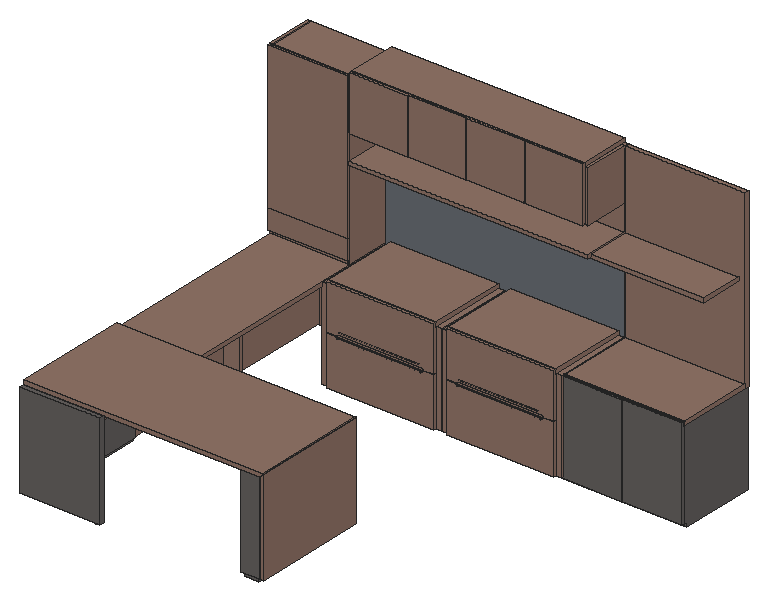
Revit family "OFS TYPICAL T100251", category Furniture, Revit 2022 (continued)
Definition of nested family "OFS SLATE OVERLAY WORK TABLE HEIGHT ADJUSTABLE"
  Dimensions and locks (in)
    aligned and locked: Extrusion 23 sketch curve to plane 3 "Center (Left/Right)"
    aligned and locked: Extrusion 23 sketch curve to plane 5
    aligned and locked: Extrusion 23 sketch curve to plane 1 "Center (Front/Back)"
    aligned and locked: plane 24 to Extrusion 24
    aligned and locked: Extrusion 24 to Extrusion 13
    aligned and locked: Extrusion 15 to Extrusion 13
    aligned and locked: plane 5 to Extrusion 25
    aligned and locked: Extrusion 14 to Extrusion 25
    aligned and locked: plane 5 to Extrusion 26
    aligned and locked: plane 6 "Front Face" to Extrusion 26
    aligned and locked: Extrusion 26 to Extrusion 23
    aligned and locked: plane 3 "Center (Left/Right)" to Extrusion 27 sketch curve
    aligned and locked: Extrusion 27 sketch curve to Extrusion 25  (x2)
    aligned and locked: Extrusion 27 sketch curve to plane 5
    aligned and locked: plane 24 to Extrusion 27 sketch curve
    aligned and locked: Extrusion 27 sketch curve to plane 3 "Center (Left/Right)"
    aligned and locked: plane 6 "Front Face" to Extrusion 27 sketch curve
    aligned and locked: Extrusion 28 sketch curve to plane 24
    aligned and locked: plane 24 to Extrusion 28 sketch curve
    aligned and locked: plane 22 to Extrusion 28 sketch curve
    aligned and locked: Extrusion 20 to Extrusion 28 sketch curve
    aligned and locked: plane 23 to Extrusion 28 sketch curve
    aligned and locked: Extrusion 28 sketch curve to plane 23
    aligned and locked: plane 5 to Extrusion 29 sketch curve
    aligned and locked: Extrusion 29 sketch curve to plane 24
    aligned and locked: plane 23 to Extrusion 29 sketch curve
    aligned and locked: Extrusion 29 sketch curve to Extrusion 28
    aligned and locked: Extrusion 29 sketch curve to plane 22
    aligned and locked: plane 22 to Extrusion 29 sketch curve
    aligned and locked: plane 5 to Extrusion 30
    aligned and locked: plane 6 "Front Face" to Extrusion 30
    aligned and locked: Extrusion 30 sketch curve to plane 3 "Center (Left/Right)"
    aligned and locked: plane 11 to Extrusion 30 sketch curve
    aligned and locked: plane 20 to Extrusion 30 sketch curve
    aligned and locked: Extrusion 9 to plane 11
    aligned and locked: Extrusion 9 to plane 20
    aligned and locked: Extrusion 9 to Extrusion 1
    aligned and locked: Extrusion 13 to Extrusion 8
    aligned and locked: Extrusion 27 to Extrusion 26
    aligned and locked: plane 20 to Extrusion 29
    aligned and locked: plane 20 to Extrusion 28
    aligned and locked: Extrusion 9 sketch curve to plane 11
    aligned and locked: plane 20 to Extrusion 8
    aligned and locked: plane 20 to Extrusion 9 sketch curve
    aligned and locked: plane 20 to Extrusion 7
    aligned and locked: plane 20 to Extrusion 23
    aligned and locked: plane 5 to Extrusion 31 sketch curve
    aligned and locked: plane 6 "Front Face" to Extrusion 31 sketch curve
    aligned and locked: Extrusion 31 sketch curve to plane 3 "Center (Left/Right)"
    aligned and locked: plane 24 to Extrusion 32 sketch curve
    aligned and locked: plane 23 to Extrusion 32 sketch curve
    aligned and locked: plane 12 "Base 2" to Extrusion 32
    aligned and locked: plane 10 to nested 2
    aligned and locked: plane 6 "Front Face" to nested 2
    aligned and locked: Extrusion 23 to plane 5
    aligned and locked: curve 2 to Extrusion 23
    aligned and locked: Extrusion 23 to plane 1 "Center (Front/Back)"
    aligned and locked: plane 5 to Masking region 2
    aligned and locked: plane 6 "Front Face" to Masking region 2
    aligned and locked: Extrusion 30 to plane 3 "Center (Left/Right)"
  Automatic sketch dimensions
    Extrusion 3 sketch curve to plane 21 = 0' - 0 3/4"
    Extrusion 3 sketch curve to plane 7 = 0' - 1 15/16"
    Extrusion 3 sketch curve to Extrusion 3 sketch curve = 0' - 0 3/4"
    Extrusion 4 sketch curve to plane 21 = 0' - 0 3/4"
    Extrusion 4 sketch curve to plane 7 = 0' - 1 15/16"
    plane 18 "RLI" to Extrusion 7 sketch curve = 0' - 1 1/2"
    plane 18 "RLI" to Extrusion 8 sketch curve = 0' - 1 1/2"
    plane 16 "RLO" to Extrusion 16 sketch curve = 0' - 2 1/2"
    Extrusion 31 sketch curve to plane 17 "LLO" = 0' - 2 1/2"
    plane 22 to Extrusion 32 sketch curve = 0' - 0 3/4"
    plane 8 to Extrusion 32 sketch curve = 0' - 1 15/16"
    Extrusion 1 sketch curve to plane 12 "Base 2" = 0' - 0"
    Extrusion 1 sketch curve to plane 20 = 0' - 0"
    Extrusion 1 sketch curve to Extrusion 1 sketch curve = 0' - 0.12464"
    Extrusion 1 sketch curve to Extrusion 1 sketch curve = 0' - 0.08814"
    Extrusion 1 sketch curve to plane 7 = 0' - 1 3/16"
    plane 11 to Extrusion 1 sketch curve = 0' - 0.30092"
    Extrusion 2 sketch curve to plane 7 = 0' - 1 3/16"  (x2)
    Extrusion 2 sketch curve to plane 6 "Front Face" = 0' - 0 1/16"
    Revolve 5 sketch curve to plane 13 "Base 1" = 0' - 0"  (x2)
    Revolve 5 sketch curve to level = 0' - 0"  (x2)
    Revolve 5 sketch curve to plane 23 = 0' - 1.26355"
    level to Revolve 5 sketch curve = 0' - 0.13"
    Revolve 5 sketch curve to Revolve 5 sketch curve = 0' - 0.245"
    Revolve 5 sketch curve to Revolve 5 sketch curve = 0' - 0.28868"
    Revolve 5 sketch curve to Revolve 5 sketch curve = 0' - 0"
    Revolve 6 sketch curve to level = 0' - 0"
    Revolve 6 sketch curve to plane 13 "Base 1" = 0' - 0"
    Revolve 6 sketch curve to plane 24 = 0' - 1.26355"
    level to Revolve 6 sketch curve = 0' - 0.13"
    Revolve 6 sketch curve to Revolve 6 sketch curve = 0' - 0.245"
    Revolve 6 sketch curve to Revolve 6 sketch curve = 0' - 0.28868"
    Revolve 6 sketch curve to Revolve 6 sketch curve = 0' - 0"
    Extrusion 9 sketch curve to plane 7 = 0' - 1 3/16"
    Extrusion 9 sketch curve to plane 7 = 0' - 0.30229"
    Extrusion 9 sketch curve to Extrusion 9 sketch curve = 0' - 0.08854"
    plane 11 to Extrusion 9 sketch curve = 0' - 0.21375"
    Revolve 10 sketch curve to level = 0' - 0"  (x2)
    Revolve 10 sketch curve to plane 13 "Base 1" = 0' - 0"  (x2)
    plane 1 "Center (Front/Back)" to Revolve 10 sketch curve = 0' - 0 19/32"
    level to Revolve 10 sketch curve = 0' - 0.13"
    Revolve 10 sketch curve to Revolve 10 sketch curve = 0' - 0.245"
    Revolve 10 sketch curve to Revolve 10 sketch curve = 0' - 0.28868"
    Revolve 10 sketch curve to Revolve 10 sketch curve = 0' - 0"
    Revolve 11 sketch curve to level = 0' - 0"
    Revolve 11 sketch curve to plane 13 "Base 1" = 0' - 0"
    Revolve 11 sketch curve to plane 24 = 0' - 0.77631"
    level to Revolve 11 sketch curve = 0' - 0.13"
    Revolve 11 sketch curve to Revolve 11 sketch curve = 0' - 0.245"
    Revolve 11 sketch curve to Revolve 11 sketch curve = 0' - 0.28868"
    Revolve 11 sketch curve to Revolve 11 sketch curve = 0' - 0"
    Revolve 12 sketch curve to plane 13 "Base 1" = 0' - 0"
    Revolve 12 sketch curve to level = 0' - 0"
    Revolve 12 sketch curve to plane 23 = 0' - 0.71381"
    level to Revolve 12 sketch curve = 0' - 0.13"
    Revolve 12 sketch curve to Revolve 12 sketch curve = 0' - 0.245"
    Revolve 12 sketch curve to Revolve 12 sketch curve = 0' - 0.28868"
    Revolve 12 sketch curve to Revolve 12 sketch curve = 0' - 0"
    plane 16 "RLO" to Extrusion 13 sketch curve = 0' - 2 1/2"  (x2)
    plane 23 to Extrusion 13 sketch curve = 0' - 0 1/16"
    plane 16 "RLO" to Extrusion 14 sketch curve = 0' - 3.24928"
    Extrusion 14 sketch curve to Extrusion 14 sketch curve = 0' - 0.74928"
    Extrusion 14 sketch curve to plane 20 = 0' - 1.93752"
    Extrusion 15 sketch curve to plane 3 "Center (Left/Right)" = 0' - 0 3/4"
    Extrusion 15 sketch curve to plane 20 = 0' - 4 7/16"
    Extrusion 15 sketch curve to plane 20 = 0' - 1 3/16"
    Revolve 17 sketch curve to plane 13 "Base 1" = 0' - 0"  (x2)
    Revolve 17 sketch curve to level = 0' - 0"  (x2)
    plane 23 to Revolve 17 sketch curve = 0' - 1.26355"
    Revolve 17 sketch curve to level = 0' - 0.13"
    Revolve 17 sketch curve to Revolve 17 sketch curve = 0' - 0.245"
    Revolve 17 sketch curve to Revolve 17 sketch curve = 0' - 0.28868"
    Revolve 17 sketch curve to Revolve 17 sketch curve = 0' - 0"
    Revolve 18 sketch curve to level = 0' - 0"  (x2)
    Revolve 18 sketch curve to plane 13 "Base 1" = 0' - 0"  (x2)
    plane 24 to Revolve 18 sketch curve = 0' - 1.26355"
    Revolve 18 sketch curve to level = 0' - 0.13"
    Revolve 18 sketch curve to Revolve 18 sketch curve = 0' - 0.245"
    Revolve 18 sketch curve to Revolve 18 sketch curve = 0' - 0.28868"
    Revolve 18 sketch curve to Revolve 18 sketch curve = 0' - 0"
    Revolve 19 sketch curve to level = 0' - 0"  (x2)
    Revolve 19 sketch curve to plane 13 "Base 1" = 0' - 0"  (x2)
    plane 1 "Center (Front/Back)" to Revolve 19 sketch curve = 0' - 0 19/32"
    level to Revolve 19 sketch curve = 0' - 0.13"
    Revolve 19 sketch curve to Revolve 19 sketch curve = 0' - 0.245"
    Revolve 19 sketch curve to Revolve 19 sketch curve = 0' - 0.28868"
    Revolve 19 sketch curve to Revolve 19 sketch curve = 0' - 0"
    Masking region 2 sketch curve to plane 19 "LLI" = 0' - 1 1/2"
    Extrusion 20 sketch curve to Extrusion 20 sketch curve = 0' - 0.12464"
    Extrusion 20 sketch curve to Extrusion 20 sketch curve = 0' - 0.08814"
    Extrusion 20 sketch curve to Extrusion 20 sketch curve = 0' - 1 3/16"
    Extrusion 20 sketch curve to plane 11 = 0' - 0.30092"
    Revolve 21 sketch curve to plane 13 "Base 1" = 0' - 0"  (x2)
    Revolve 21 sketch curve to level = 0' - 0"  (x2)
    Revolve 21 sketch curve to plane 24 = 0' - 1.06498"
    Revolve 21 sketch curve to Revolve 21 sketch curve = 0' - 0.04367"
    Revolve 21 sketch curve to Revolve 21 sketch curve = 0' - 0.28868"
    Revolve 21 sketch curve to Revolve 21 sketch curve = 0' - 0.13"
    Revolve 21 sketch curve to Revolve 21 sketch curve = 0' - 0"
    Revolve 22 sketch curve to plane 13 "Base 1" = 0' - 0"  (x2)
    Revolve 22 sketch curve to level = 0' - 0"  (x2)
    Revolve 22 sketch curve to plane 23 = 0' - 0.42513"
    Revolve 22 sketch curve to Revolve 22 sketch curve = 0' - 0.04368"
    Revolve 22 sketch curve to Revolve 22 sketch curve = 0' - 0.245"
    level to Revolve 22 sketch curve = 0' - 0.13"
    Revolve 22 sketch curve to Revolve 22 sketch curve = 0' - 0"
    plane 19 "LLI" to Extrusion 23 sketch curve = 0' - 1 1/2"
    Extrusion 24 sketch curve to plane 3 "Center (Left/Right)" = 0' - 0"
    Extrusion 24 sketch curve to plane 3 "Center (Left/Right)" = 0' - 0 3/4"
    plane 20 to Extrusion 24 sketch curve = 0' - 4 7/16"
    plane 20 to Extrusion 24 sketch curve = 0' - 1 3/16"
    Extrusion 25 sketch curve to plane 12 "Base 2" = 0' - 0"
    Extrusion 25 sketch curve to plane 17 "LLO" = 0' - 3.24928"
    Extrusion 25 sketch curve to Extrusion 25 sketch curve = 0' - 0.74928"
    plane 20 to Extrusion 25 sketch curve = 0' - 1.93752"
    Extrusion 26 sketch curve to plane 20 = 0' - 0"
    Extrusion 26 sketch curve to plane 3 "Center (Left/Right)" = 0' - 0"
    plane 19 "LLI" to Extrusion 26 sketch curve = 0' - 1 1/2"
    Extrusion 27 sketch curve to plane 23 = 0' - 0 1/16"
    Extrusion 28 sketch curve to Extrusion 28 sketch curve = 0' - 0 3/4"  (x2)
    plane 8 to Extrusion 29 sketch curve = 0' - 1 3/16"
    plane 6 "Front Face" to Extrusion 29 sketch curve = 0' - 0 1/16"
    plane 8 to Extrusion 30 sketch curve = 0' - 1 3/16"
    plane 8 to Extrusion 30 sketch curve = 0' - 0.30229"
    Extrusion 30 sketch curve to Extrusion 30 sketch curve = 0' - 0.08854"
    Extrusion 30 sketch curve to plane 11 = 0' - 0.21375"
  Nested families (in)
    nested 1: "Tag" at (-33, -30, 0) x (-1, 0, 0) z (0, 0, 1), visible <- "Left", type "Center", detail levels fine
      with Offset (LR) 0' - 0", Distance of Center (not Change) 0' - 0.11"
    nested 2: "Tag" at (33, -30, 0), visible <- "Right", type "Center", detail levels fine
      with Offset (LR) 0' - 0", Distance of Center (not Change) 0' - 0.11"
  Definition of nested family "Tag"
    Parameters
      P_Width = 0' - 0"
      Text_Width = "Empty"
      Text_Height = "Empty"
      Text_Diameter = "Empty"
      Text_Depth = "Empty"
      Offset (LR) [instance] = 0' - 0"
      Model Name = "EK-7168-E"
      P_Height = 0' - 0"
      Distance of Center (not Change) = 0' - 0"
      P_Diameter = 0' - 0"
      P_Depth = 0' - 0"
    Reference planes (in)
      plane 1: y = 0
      plane 2: x = 0
    Lines and regions (in)
      reference lines
        curve 1: line (-0.44359, 0, 0) -> (0.41085, 0, 0)
        curve 3: line (0, 0.32564, 0) -> (0, -0.40221, 0)
      reference lines, not visible
        curve 2: line (-0.44359, 0.09843, 0) -> (0.41085, 0.09843, 0)
        curve 4: line (0, 0.42407, 0) -> (0, -0.30379, 0)
    Text (in)
      label "Empty" at (0.00197, -0.0079, 0), shows "Model Name"
      label "Empty" at (0.00197, 0.09052, 0), shows "Model Name", not visible
    Dimensions and locks (in)
      "Distance of Center (not Change)": plane 1 to curve 1
      "Offset (LR)": curve 3 to plane 2
    Automatic sketch dimensions
      curve 1 to curve 3 = 0' - 0.44359"
      curve 3 to curve 1 = 0' - 0.41085"
      curve 3 to curve 1 = 0' - 0.40221"
      curve 1 to curve 3 = 0' - 0.32564"
      curve 2 to curve 4 = 0' - 0.44359"
      curve 4 to curve 2 = 0' - 0.41085"
      curve 4 to curve 2 = 0' - 0.40221"
      curve 2 to curve 4 = 0' - 0.32564"
Definition of nested family "OFS SLATE STORAGE MODULAR CABINET TOPS - Wire Drop Back"
  Parameters (values of type "Workwall Modular Cabinet Top w Wire Drop on the Back 42W LG")
    Wire Drop Material = none
    Width = 3' - 6"
    URL = "http://www.ofs.com/"
    Height from Floor [instance] = 2' - 5 1/4"
    Height = 0' - 1 3/16"
    Description = "OFS SLATE WORKWALL MODULAR CABINET TOP WITH WIRE DROP ON THE BACK, 42\" Width, Long Grain Direction"
    Model = "CA-B4221MCTB"
    Manufacturer = "CAROLINA"
    Depth = 1' - 9 5/16"
    Default Elevation = 0' - 0"
    Copyright © = "© 2019 OFS"
    Catalog = "https://ofs.com/products/tables/conference/slate"
    Authoring Version = "Autodesk Revit Architecture 2014"
    Assembly Code = "E2020200"
    Top Cabinet [instance] = none
  Types (32): name | Width | Description | Model
    Workwall Modular Cabinet Top w Wire Drop on the Back 18W LG | 1' - 6" | "OFS SLATE WORKWALL MODULAR CABINET TOP WITH WIRE DROP ON THE BACK, 18\" Width, Long Grain Direction" | "CA-B1821MCTB"
    Workwall Modular Cabinet Top w Wire Drop on the Back 18W SG | 1' - 6" | "OFS SLATE WORKWALL MODULAR CABINET TOP WITH WIRE DROP ON THE BACK, 18\" Width, Short Grain Direction" | "CA-B2118MCTB"
    Workwall Modular Cabinet Top w Wire Drop on the Back 24W LG | 2' - 0" | "OFS SLATE WORKWALL MODULAR CABINET TOP WITH WIRE DROP ON THE BACK, 24\" Width, Long Grain Direction" | "CA-B2421MCTB"
    Workwall Modular Cabinet Top w Wire Drop on the Back 24W SG | 2' - 0" | "OFS SLATE WORKWALL MODULAR CABINET TOP WITH WIRE DROP ON THE BACK, 24\" Width, Short Grain Direction" | "CA-B2124MCTB"
    Workwall Modular Cabinet Top w Wire Drop on the Back 30W LG | 2' - 6" | "OFS SLATE WORKWALL MODULAR CABINET TOP WITH WIRE DROP ON THE BACK, 30\" Width, Long Grain Direction" | "CA-B3021MCTB"
    Workwall Modular Cabinet Top w Wire Drop on the Back 30W SG | 2' - 6" | "OFS SLATE WORKWALL MODULAR CABINET TOP WITH WIRE DROP ON THE BACK, 30\" Width, Short Grain Direction" | "CA-B2130MCTB"
    Workwall Modular Cabinet Top w Wire Drop on the Back 36W SG | 3' - 0" | "OFS SLATE WORKWALL MODULAR CABINET TOP WITH WIRE DROP ON THE BACK, 36\" Width, Short Grain Direction" | "CA-B2136MCTB"
    Workwall Modular Cabinet Top w Wire Drop on the Back 36W LG | 3' - 0" | "OFS SLATE WORKWALL MODULAR CABINET TOP WITH WIRE DROP ON THE BACK, 36\" Width, Long Grain Direction" | "CA-B3621MCTB"
    Workwall Modular Cabinet Top w Wire Drop on the Back 42W LG | 3' - 6" | "OFS SLATE WORKWALL MODULAR CABINET TOP WITH WIRE DROP ON THE BACK, 42\" Width, Long Grain Direction" | "CA-B4221MCTB"
    Workwall Modular Cabinet Top w Wire Drop on the Back 42W SG | 3' - 6" | "OFS SLATE WORKWALL MODULAR CABINET TOP WITH WIRE DROP ON THE BACK, 42\" Width, Short Grain Direction" | "CA-B2142MCTB"
    Workwall Modular Cabinet Top w Wire Drop on the Back 48W SG | 4' - 0" | "OFS SLATE WORKWALL MODULAR CABINET TOP WITH WIRE DROP ON THE BACK, 48\" Width, Short Grain Direction" | "CA-B2148MCTB"
    Workwall Modular Cabinet Top w Wire Drop on the Back 48W LG | 4' - 0" | "OFS SLATE WORKWALL MODULAR CABINET TOP WITH WIRE DROP ON THE BACK, 48\" Width, Long Grain Direction" | "CA-B4821MCTB"
    Workwall Modular Cabinet Top w Wire Drop on the Back 54W LG | 4' - 6" | "OFS SLATE WORKWALL MODULAR CABINET TOP WITH WIRE DROP ON THE BACK, 54\" Width, Long Grain Direction" | "CA-B5421MCTB"
    Workwall Modular Cabinet Top w Wire Drop on the Back 54W SG | 4' - 6" | "OFS SLATE WORKWALL MODULAR CABINET TOP WITH WIRE DROP ON THE BACK, 54\" Width, Short Grain Direction" | "CA-B2154MCTB"
    Workwall Modular Cabinet Top w Wire Drop on the Back 60W SG | 5' - 0" | "OFS SLATE WORKWALL MODULAR CABINET TOP WITH WIRE DROP ON THE BACK, 60\" Width, Short Grain Direction" | "CA-B2160MCTB"
    Workwall Modular Cabinet Top w Wire Drop on the Back 60W LG | 5' - 0" | "OFS SLATE WORKWALL MODULAR CABINET TOP WITH WIRE DROP ON THE BACK, 60\" Width, Long Grain Direction" | "CA-B6021MCTB"
    Workwall Modular Cabinet Top w Wire Drop on the Back 66W LG | 5' - 6" | "OFS SLATE WORKWALL MODULAR CABINET TOP WITH WIRE DROP ON THE BACK, 66\" Width, Long Grain Direction" | "CA-B6621MCTB"
    Workwall Modular Cabinet Top w Wire Drop on the Back 66W SG | 5' - 6" | "OFS SLATE WORKWALL MODULAR CABINET TOP WITH WIRE DROP ON THE BACK, 66\" Width, Short Grain Direction" | "CA-B2166MCTB"
    Workwall Modular Cabinet Top w Wire Drop on the Back 72W SG | 6' - 0" | "OFS SLATE WORKWALL MODULAR CABINET TOP WITH WIRE DROP ON THE BACK, 72\" Width, Short Grain Direction" | "CA-B2172MCTB"
    Workwall Modular Cabinet Top w Wire Drop on the Back 72W LG | 6' - 0" | "OFS SLATE WORKWALL MODULAR CABINET TOP WITH WIRE DROP ON THE BACK, 72\" Width, Long Grain Direction" | "CA-B7221MCTB"
    Workwall Modular Cabinet Top w Wire Drop on the Back 78W LG | 6' - 6" | "OFS SLATE WORKWALL MODULAR CABINET TOP WITH WIRE DROP ON THE BACK, 78\" Width, Long Grain Direction" | "CA-B7821MCTB"
    Workwall Modular Cabinet Top w Wire Drop on the Back 78W SG | 6' - 6" | "OFS SLATE WORKWALL MODULAR CABINET TOP WITH WIRE DROP ON THE BACK, 78\" Width, Short Grain Direction" | "CA-B2178MCTB"
    Workwall Modular Cabinet Top w Wire Drop on the Back 84W SG | 7' - 0" | "OFS SLATE WORKWALL MODULAR CABINET TOP WITH WIRE DROP ON THE BACK, 84\" Width, Short Grain Direction" | "CA-B2184MCTB"
    Workwall Modular Cabinet Top w Wire Drop on the Back 84W LG | 7' - 0" | "OFS SLATE WORKWALL MODULAR CABINET TOP WITH WIRE DROP ON THE BACK, 84\" Width, Long Grain Direction" | "CA-B8421MCTB"
    Workwall Modular Cabinet Top w Wire Drop on the Back 90W LG | 7' - 6" | "OFS SLATE WORKWALL MODULAR CABINET TOP WITH WIRE DROP ON THE BACK, 90\" Width, Long Grain Direction" | "CA-B9021MCTB"
    Workwall Modular Cabinet Top w Wire Drop on the Back 90W SG | 7' - 6" | "OFS SLATE WORKWALL MODULAR CABINET TOP WITH WIRE DROP ON THE BACK, 90\" Width, Short Grain Direction" | "CA-B2190MCTB"
    Workwall Modular Cabinet Top w Wire Drop on the Back 96W SG | 8' - 0" | "OFS SLATE WORKWALL MODULAR CABINET TOP WITH WIRE DROP ON THE BACK, 96\" Width, Short Grain Direction" | "CA-B2196MCTB"
    Workwall Modular Cabinet Top w Wire Drop on the Back 96W LG | 8' - 0" | "OFS SLATE WORKWALL MODULAR CABINET TOP WITH WIRE DROP ON THE BACK, 96\" Width, Long Grain Direction" | "CA-B9621MCTB"
    Workwall Modular Cabinet Top w Wire Drop on the Back 102W SG | 8' - 6" | "OFS SLATE WORKWALL MODULAR CABINET TOP WITH WIRE DROP ON THE BACK, 102\" Width, Short Grain Direction" | "CA-B21102MCTB"
    Workwall Modular Cabinet Top w Wire Drop on the Back 102W LG | 8' - 6" | "OFS SLATE WORKWALL MODULAR CABINET TOP WITH WIRE DROP ON THE BACK, 102\" Width, Long Grain Direction" | "CA-B10221MCTB"
    Workwall Modular Cabinet Top w Wire Drop on the Back 108W LG | 9' - 0" | "OFS SLATE WORKWALL MODULAR CABINET TOP WITH WIRE DROP ON THE BACK, 108\" Width, Long Grain Direction" | "CA-B10821MCTB"
    Workwall Modular Cabinet Top w Wire Drop on the Back 108W SG | 9' - 0" | "OFS SLATE WORKWALL MODULAR CABINET TOP WITH WIRE DROP ON THE BACK, 108\" Width, Short Grain Direction" | "CA-B21108MCTB"
  Reference planes (in)
    plane 1 "Center (Front/Back)": y = 0
    plane 2: z = 0
    plane 3 "Center (Left/Right)": x = 27
    plane 4 "rrr": through (-2.45771, -5.50063, 16.56517) normal (0.0223, 0.0194, 0.9996)
    plane 5: x = 69
    plane 6: y = -21.3125
    plane 7: z = 29.25
    plane 8: z = 28.0625
    plane 9: x = 48
  Forms (in)
    Extrusion 1, solid, material <- "Top Cabinet"
      sketch origin (27, 0, 0) x (0, 1, 0) y (0, 0, 1)
        loop
          line (0, 29.25) -> (-21.3125, 29.25) -> (-21.3125, 28.0625) -> (0, 28.0625) -> (0, 29.25)
      from 0 to 42
    Extrusion 2, solid, material <- "Wire Drop Material"
      sketch origin (27, 0, 0) x (0, 1, 0) y (0, 0, 1)
        loop
          line (0, 28.3644) -> (0, 28.23141)
          arc (0, 28.23141) -> (0.09162, 28.73666) -> (0.10437, 29.25) r 3.32546
          arc (0.10437, 29.25) -> (-0.01589, 29.36411) -> (-0.13615, 29.25) r 0.12042
          line (-0.13615, 29.25) -> (-0.10484, 29.25)
          arc (-0.10484, 29.25) -> (-0.01507, 29.33285) -> (0.07316, 29.24836) r 0.08917
          arc (0.07316, 29.24836) -> (0.06647, 28.80391) -> (0, 28.3644) r 3.29421
      from 0 to 42
  Lines and regions (in)
    Masking region 1
      outline origin (0, 0, 0) x (1, 0, 0) y (0, 1, 0)
        loop
          line (27, 0) -> (27, -21.3125) -> (69, -21.3125) -> (69, 0) -> (27, 0)
  Dimensions and locks (in)
    "Width": plane 3 "Center (Left/Right)" to plane 5
    equal spacing: plane 3 "Center (Left/Right)", plane 9, plane 5
    "Depth": plane 6 to plane 1 "Center (Front/Back)"
    "Height from Floor": plane 7 to level
    "Height": plane 7 to plane 8
    aligned and locked: level to plane 2
    aligned and locked: plane 7 to Extrusion 1 sketch curve
    aligned and locked: Extrusion 1 sketch curve to plane 6
    aligned and locked: plane 1 "Center (Front/Back)" to Extrusion 1 sketch curve
    aligned and locked: Extrusion 1 sketch curve to plane 8
    aligned and locked: Extrusion 1 to plane 3 "Center (Left/Right)"
    aligned and locked: Extrusion 1 to plane 5
    aligned and locked: plane 5 to Masking region 1 sketch curve
    aligned and locked: plane 1 "Center (Front/Back)" to Masking region 1 sketch curve
    aligned and locked: Masking region 1 sketch curve to plane 6
    aligned and locked: plane 3 "Center (Left/Right)" to Masking region 1 sketch curve
    aligned and locked: plane 1 "Center (Front/Back)" to Extrusion 2 sketch curve
    aligned and locked: Extrusion 2 to plane 3 "Center (Left/Right)"
    aligned and locked: Extrusion 2 to plane 5
  Automatic sketch dimensions
    Extrusion 2 sketch curve to Extrusion 2 sketch curve = 0' - 0"  (x5)
    plane 7 to Extrusion 2 sketch curve = 0' - 0"  (x3)
    plane 7 to Extrusion 2 sketch curve = 0' - 0.00631"
    plane 1 "Center (Front/Back)" to Extrusion 2 sketch curve = 0' - 0.01589"
    plane 7 to Extrusion 2 sketch curve = 0' - 0.17437"
    Extrusion 2 sketch curve to Extrusion 2 sketch curve = 0' - 0.03131"
    plane 7 to Extrusion 2 sketch curve = 0' - 0.00164"
Definition of nested family "OFS SLATE WORKWALL OVERLAY CREDENZAS"
  Parameters (values of type "SLATE WORKWALL OVERLAY CREDENZA LATERAL FILE 90" With Doors")
    Width [instance] = 7' - 6"
    URL = "http://www.ofs.com/"
    Type = 5
    Top [instance] = none
    Panel [instance] = none
    Model = "CA-A9025CLFC4"
    Manufacturer = "OFS"
    Length 2 [instance] = if(and(Type = 4, Width < 5' 0"), 0' 0.063", 1' 5 7/8")  # 1' - 5 7/8"
    Length 1 [instance] = if(and(Type = 4, Width = 2' 6"), 1' 7.255", if(and(Type = 4, Width = 3' 0"), 2' 1.255", if(and(Type = 4, Width = 5' 0"), 1' 1.255", if(and(Type = 4, Width = 6' 0"), 2' 1.255", if(and(Type = 4, Width = 7' 6"), 1' 6.005", 2' 3.005")))))  # 2' - 3.005"
    Overlay Lateral File = Type = 4  # no
    Glides [instance] = none
    Drawers [instance] = none
    Description = "OFS SLATE WORKWALL OVERLAY CREDENZA LATERAL FILE, 4 Drawers & 2 Doors, 90\" Width, 25.5\" Depth, 30.5\" Height, Wall Panels are Recessed behind Worksurface"
    Default Elevation = 0' - 0"
    Copyright © = "© 2019 OFS"
    Catalog = "OFS"
    Case [instance] = none
    Base [instance] = none
    Authoring Version = "Autodesk Revit Architecture 2014"
    Assembly Code = "E2020200"
    6 Drawers [instance] = and(Type = 4, Width > 6' 0")  # no
    4 Drawers [instance] = and(Type = 4, Width > 3' 0", Width < 7' 6")  # no
    2 Drawers [instance] = and(Type = 4, Width < 5' 0")  # no
  Types (11): name | Width | Type | Model | Length 2 | Length 1 | Overlay Lateral File | Description | 6 Drawers | 4 Drawers | 2 Drawers
    (no name) | 7' - 6" | 5 | "CA-A9025CLFC4" | 1' - 5 7/8" | 2' - 3.005" | no | "OFS SLATE WORKWALL OVERLAY CREDENZA LATERAL FILE, 4 Drawers & 2 Doors, 90\" Width, 25.5\" Depth, 30.5\" Height, Wall Panels are Recessed behind Worksurface" | no | no | no
    SLATE WORKWALL OVERLAY CREDENZA LATERAL FILE 30" | 2' - 6" | 4 | "CA-AB3025CLF2" | 0' - 0.063" | 1' - 7.255" | yes | "OFS SLATE WORKWALL OVERLAY CREDENZA LATERAL FILE, 2 Drawers, 30\" Width, 25.5\" Depth, 30.5\" Height, Wall Panels are Recessed behind Worksurface" | no | no | yes
    SLATE WORKWALL OVERLAY CREDENZA LATERAL FILE 36" | 3' - 0" | 4 | "CA-AB3625CLF2" | 0' - 0.063" | 2' - 1.255" | yes | "OFS SLATE WORKWALL OVERLAY CREDENZA LATERAL FILE, 2 Drawers, 36\" Width, 25.5\" Depth, 30.5\" Height, Wall Panels are Recessed behind Worksurface" | no | no | yes
    SLATE WORKWALL OVERLAY CREDENZA LATERAL FILE 60" | 5' - 0" | 4 | "CA-AB6025CLF4" | 1' - 5 7/8" | 1' - 1.255" | yes | "OFS SLATE WORKWALL OVERLAY CREDENZA LATERAL FILE, 4 Drawers, 60\" Width, 25.5\" Depth, 30.5\" Height, Wall Panels are Recessed behind Worksurface" | no | yes | no
    SLATE WORKWALL OVERLAY CREDENZA LATERAL FILE 72" | 6' - 0" | 4 | "CA-AB7225CLF4" | 1' - 5 7/8" | 2' - 1.255" | yes | "OFS SLATE WORKWALL OVERLAY CREDENZA LATERAL FILE, 4 Drawers, 72\" Width, 25.5\" Depth, 30.5\" Height, Wall Panels are Recessed behind Worksurface" | no | yes | no
    SLATE WORKWALL OVERLAY CREDENZA LATERAL FILE 90" | 7' - 6" | 4 | "CA-AB9025CLF6" | 1' - 5 7/8" | 1' - 6.005" | yes | "OFS SLATE WORKWALL OVERLAY CREDENZA LATERAL FILE, 6 Drawers, 90\" Width, 25.5\" Depth, 30.5\" Height, Wall Panels are Recessed behind Worksurface" | yes | no | no
    SLATE WORKWALL OVERLAY CREDENZA LATERAL FILE 108" | 9' - 0" | 4 | "CA-AB10825CLF6" | 1' - 5 7/8" | 2' - 3.005" | yes | "OFS SLATE WORKWALL OVERLAY CREDENZA LATERAL FILE, 6 Drawers, 108\" Width, 25.5\" Depth, 30.5\" Height, Wall Panels are Recessed behind Worksurface" | yes | no | no
    SLATE WORKWALL OVERLAY CREDENZA LATERAL FILE 60" With Doors | 5' - 0" | 5 | "CA-A6025CLFC2" | 1' - 5 7/8" | 2' - 3.005" | no | "OFS SLATE WORKWALL OVERLAY CREDENZA LATERAL FILE, 2 Drawers & 2 Doors, 60\" Width, 25.5\" Depth, 30.5\" Height, Wall Panels are Recessed behind Worksurface" | no | no | no
    SLATE WORKWALL OVERLAY CREDENZA LATERAL FILE 72" With Doors | 6' - 0" | 5 | "CA-A7225CLFC2" | 1' - 5 7/8" | 2' - 3.005" | no | "OFS SLATE WORKWALL OVERLAY CREDENZA LATERAL FILE, 2 Drawers & 2 Doors, 72\" Width, 25.5\" Depth, 30.5\" Height, Wall Panels are Recessed behind Worksurface" | no | no | no
    SLATE WORKWALL OVERLAY CREDENZA LATERAL FILE 90" With Doors | 7' - 6" | 5 | "CA-A9025CLFC4" | 1' - 5 7/8" | 2' - 3.005" | no | "OFS SLATE WORKWALL OVERLAY CREDENZA LATERAL FILE, 4 Drawers & 2 Doors, 90\" Width, 25.5\" Depth, 30.5\" Height, Wall Panels are Recessed behind Worksurface" | no | no | no
    SLATE WORKWALL OVERLAY CREDENZA LATERAL FILE 108" With Doors | 9' - 0" | 5 | "CA-A10825CLFC4" | 1' - 5 7/8" | 2' - 3.005" | no | "OFS SLATE WORKWALL OVERLAY CREDENZA LATERAL FILE, 4 Drawers & 2 Doors, 108\" Width, 25.5\" Depth, 30.5\" Height, Wall Panels are Recessed behind Worksurface" | no | no | no
  Reference planes (in)
    plane 1 "Center (Front/Back)": y = 0
    plane 2: z = 0
    plane 3 "Center (Left/Right)": x = 0
    plane 4: x = 89.25
    plane 5: x = 90
    plane 6: x = 0.75
    plane 7: y = -24
    plane 8: y = -25.58661
    plane 9: y = -23.125
    plane 10: x = 0.125
    plane 11: x = 89.875
    plane 12: z = 0.45
    plane 13: z = 30.3875
    plane 14: y = -1.38677
    plane 15: y = -21.25
    plane 16: y = -11.5625
    plane 17: x = 45
    plane 18: x = 19.6875
    plane 19: x = 70.3125
    plane 20: x = 1.8125
    plane 21: x = 88.1875
    plane 22: x = 88.0625
    plane 23: x = 30.60417
    plane 24: x = 59.39583
    plane 25: z = 28.0125
  Forms (in)
    Revolve 1, solid, material <- "Glides", visible <- "Overlay Lateral File"
      sketch origin (1.0178, -1.38677, 47.24409) x (-1, 0, 0) y (0, 0, 1)
        loop
          line (0.04905, -46.79409) -> (0.04905, -47.24409) -> (0.29405, -47.24409)
          arc (0.29405, -47.24409) -> (0.42215, -47.13626) -> (0.33773, -46.99165) r 0.13
          line (0.33773, -46.99165) -> (0.29905, -46.99165) -> (0.29905, -46.79409) -> (0.04905, -46.79409)
        axis (0.04905, -46.79409) -> (0.04905, -47.24409)
      angle from 0 to 360
    Revolve 2, solid, material <- "Glides", visible <- "Overlay Lateral File"
      sketch origin (70.9822, -1.38677, 47.24409) x (1, 0, 0) y (0, 0, -1)
        loop
          line (18.04905, 46.79409) -> (18.29905, 46.79409) -> (18.29905, 46.99165) -> (18.33773, 46.99165)
          arc (18.33773, 46.99165) -> (18.42215, 47.13626) -> (18.29405, 47.24409) r 0.13
          line (18.29405, 47.24409) -> (18.04905, 47.24409) -> (18.04905, 46.79409)
        axis (18.04905, 46.79409) -> (18.04905, 47.24409)
      angle from 0 to 360
    Revolve 3, solid, material <- "Glides", visible <- "Overlay Lateral File"
      sketch origin (1.0178, -21.25, 47.24409) x (-1, 0, 0) y (0, 0, 1)
        loop
          line (-88.01344, -46.79409) -> (-88.26344, -46.79409) -> (-88.26344, -46.99165) -> (-88.30212, -46.99165)
          arc (-88.30212, -46.99165) -> (-88.38654, -47.13626) -> (-88.25844, -47.24409) r 0.13
          line (-88.25844, -47.24409) -> (-88.01344, -47.24409) -> (-88.01344, -46.79409)
        axis (-88.01344, -46.79409) -> (-88.01344, -47.24409)
      angle from 0 to 360
    Revolve 4, solid, material <- "Glides", visible <- "Overlay Lateral File"
      sketch origin (1.0178, -21.25, 47.24409) x (-1, 0, 0) y (0, 0, 1)
        loop
          line (0.04905, -46.79409) -> (0.04905, -47.24409) -> (0.29405, -47.24409)
          arc (0.29405, -47.24409) -> (0.42215, -47.13626) -> (0.33773, -46.99165) r 0.13
          line (0.33773, -46.99165) -> (0.29905, -46.99165) -> (0.29905, -46.79409) -> (0.04905, -46.79409)
        axis (0.04905, -46.79409) -> (0.04905, -47.24409)
      angle from 0 to 360
    Sweep 5, solid, material <- "Panel", visible <- "Overlay Lateral File"
      path origin (-60.07556, -60, 0.45) x (-1, 0, 0) y (0, -1, 0)
        loop
          line (-150.07556, -36.875) -> (-60.07556, -36.875)
      profile origin (45, -23.125, 0.45) x (0, -1, 0) y (0, 0, 1)
        loop
          line (-0.75, 0) -> (0, 0) -> (0, 1.25) -> (-0.75, 1.25) -> (-0.75, 0)
    Extrusion 6, solid, material <- "Case", visible <- "Overlay Lateral File"
      sketch origin (0, 0, 0) x (0, 1, 0) y (0, 0, 1)
        loop
          line (0, 28.0125) -> (-0.76133, 28.0125) -> (-0.76133, 0.45) -> (0, 0.45) -> (0, 28.0125)
      from 1.9375 to 88.0625
    Extrusion 7, solid, material <- "Panel", visible <- "Overlay Lateral File"
      sketch origin (0, 0, 0) x (1, 0, 0) y (0, 0, 1)
        loop
          line (0, 29.2) -> (0, 1.7) -> (1.9375, 1.7) -> (1.9375, 29.2) -> (0, 29.2)
        loop
          line (88.0625, 29.2) -> (88.0625, 1.7) -> (90, 1.7) -> (90, 29.2) -> (88.0625, 29.2)
      from 0 to 24.75
    Extrusion 8, solid, material <- "Base", visible <- "Overlay Lateral File"
      sketch origin (-3.76383, -25.58661, 47.24409) x (-1, 0, 0) y (0, 0, 1)
        loop
          line (-5.70133, -44.79409) -> (-91.82633, -44.79409) -> (-91.82633, -45.54409) -> (-5.70133, -45.54409) -> (-5.70133, -44.79409)
      from 0.83661 to 24.83661
    Extrusion 9, solid, material <- "Top", visible <- "Overlay Lateral File"
      sketch origin (1.8125, -27.03977, 47.24409) x (0, -1, 0) y (0, 0, 1)
        loop
          line (-25.653, -16.85659) -> (-25.653, -18.0441) -> (-2.28977, -18.0441) -> (-2.28977, -16.85659) -> (-25.653, -16.85659)
      from 0 to -86.375
    Extrusion 10, solid, material <- "Panel", visible <- "Overlay Lateral File"
      sketch origin (-60.07556, -60, 0.45) x (-1, 0, 0) y (0, -1, 0)
        loop
          line (-62.01306, -38.8125) -> (-62.01306, -60) -> (-60.07556, -60) -> (-60.07556, -36.875) -> (-62.01306, -38.8125)
        loop
          line (-148.13806, -38.8125) -> (-150.07556, -36.875) -> (-150.07556, -60) -> (-148.13806, -60) -> (-148.13806, -38.8125)
      from 0 to 1.25
    Sweep 11, void
      path origin (-3.76383, -25.58661, 47.24409) x (-1, 0, 0) y (0, 0, 1)
        loop
          line (-9.13633, -29.82608) -> (-88.39133, -29.82608)
          arc (-88.39133, -29.82608) -> (-89.2031, -30.63785) -> (-88.39133, -31.44961) r 0.81176
          line (-88.39133, -31.44961) -> (-9.13633, -31.44961)
          arc (-9.13633, -31.44961) -> (-8.32457, -30.63785) -> (-9.13633, -29.82608) r 0.81176
      profile origin (45, -25.58661, 17.41801) x (0, 0, -1) y (0, 1, 0)
        loop
          line (0.74926, 0) -> (0.74926, 0.59375) -> (0.23364, 0.59375)
          arc (0.23364, 0.59375) -> (0.00071, 0.38112) -> (0.19126, 0.12981) r 0.2339
          arc (0.19126, 0.12981) -> (0.23287, 0.10547) -> (0.24927, 0.06015) r 0.07084
          line (0.24927, 0.06015) -> (0.24927, 0) -> (0.74926, 0)
    Extrusion 12, solid, material <- "Drawers", visible <- "2 Drawers"
      sketch origin (45, -60, -12) x (0, 0, -1) y (0, -1, 0)
        loop
          line (-42.325, -35.16339) -> (-28.66875, -35.16339) -> (-28.66875, -34.41339) -> (-42.325, -34.41339) -> (-42.325, -35.16339)
        loop
          line (-13.7, -35.16339) -> (-13.7, -34.41339) -> (-28.54375, -34.41339) -> (-28.54375, -35.16339) -> (-13.7, -35.16339)
      from -43.0625 to 43.0625
    Extrusion 13, solid, material <- "Drawers", visible <- "4 Drawers"
      sketch origin (-3.76383, -25.58661, 47.24409) x (-1, 0, 0) y (0, 0, 1)
        loop
          line (-5.70133, -16.9191) -> (-48.70133, -16.9191) -> (-48.70133, -30.57535) -> (-5.70133, -30.57535) -> (-5.70133, -16.9191)
        loop
          line (-5.70133, -44.79409) -> (-5.70133, -30.70035) -> (-48.70133, -30.70035) -> (-48.70133, -44.79409) -> (-5.70133, -44.79409)
        loop
          line (-48.82633, -16.9191) -> (-91.82633, -16.9191) -> (-91.82633, -30.57535) -> (-48.82633, -30.57535) -> (-48.82633, -16.9191)
        loop
          line (-48.82633, -44.79409) -> (-48.82633, -30.70035) -> (-91.82633, -30.70035) -> (-91.82633, -44.79409) -> (-48.82633, -44.79409)
      from 0 to 0.75
    Extrusion 14, solid, material <- "Drawers", visible <- "6 Drawers"
      sketch origin (-3.76383, -25.58661, 47.24409) x (-1, 0, 0) y (0, 0, 1)
        loop
          line (-5.70133, -16.9191) -> (-34.3055, -16.9191) -> (-34.3055, -30.57535) -> (-5.70133, -30.57535) -> (-5.70133, -16.9191)
        loop
          line (-5.70133, -30.70035) -> (-34.3055, -30.70035) -> (-34.3055, -44.79409) -> (-5.70133, -44.79409) -> (-5.70133, -30.70035)
        loop
          line (-63.09717, -16.9191) -> (-63.09717, -30.57535) -> (-34.4305, -30.57535) -> (-34.4305, -16.9191) -> (-63.09717, -16.9191)
        loop
          line (-63.09717, -30.70035) -> (-63.09717, -44.79409) -> (-34.4305, -44.79409) -> (-34.4305, -30.70035) -> (-63.09717, -30.70035)
        loop
          line (-91.82633, -16.9191) -> (-91.82633, -30.57535) -> (-63.22217, -30.57535) -> (-63.22217, -16.9191) -> (-91.82633, -16.9191)
        loop
          line (-91.82633, -30.70035) -> (-91.82633, -44.79409) -> (-63.22217, -44.79409) -> (-63.22217, -30.70035) -> (-91.82633, -30.70035)
      from 0 to 0.75
    Extrusion 15, void
      sketch origin (0, 0, 0) x (0, 1, 0) y (0, 0, 1)
        loop
          line (0, 30.3875) -> (-1.38677, 30.3875) -> (-1.38677, 28.0125) -> (0, 28.0125) -> (0, 30.3875)
      from 0 to 108
  Cuts and joins
    joined: Revolve 1, Revolve 2, Revolve 3, Revolve 4
    joined: Sweep 5, Extrusion 10
    Sweep 11 cuts Extrusion 12
    Sweep 11 cuts Extrusion 13
    Sweep 11 cuts Extrusion 14
    Extrusion 15 cuts Extrusion 7
  Lines and regions (in)
    Masking region 1, visible <- "Overlay Lateral File"
      outline origin (77.82463, -60, 30.3875) x (0, -1, 0) y (1, 0, 0)
        loop
          line (-60, -77.82463) -> (-34.41339, -77.82463) -> (-34.41339, 12.17537) -> (-60, 12.17537) -> (-60, -77.82463)
  Dimensions and locks (in)
    "Width": plane 3 "Center (Left/Right)" to plane 5
    equal spacing: plane 3 "Center (Left/Right)", plane 17, plane 5
    locked: Extrusion 7 sketch curve to plane 3 "Center (Left/Right)" at 1.9375
    locked: plane 20 to Extrusion 8 sketch curve at 0.125
    Extrusion 10 sketch curve to Extrusion 10 sketch curve to plane 9 = 0' - 0" locked, 0' - 1 15/16" locked
    locked: plane 3 "Center (Left/Right)" to Extrusion 10 sketch curve at 1.9375
    plane 3 "Center (Left/Right)" to plane 10 to plane 6 to plane 20 = 0' - 0 1/8" locked, 0' - 0 5/8" locked, 0' - 1 1/16" locked
    plane 22 to plane 21 to plane 4 to plane 11 to plane 5 = 0' - 0 1/8" locked, 0' - 1 1/16" locked, 0' - 0 5/8" locked, 0' - 0 1/8" locked
    "Length 2": plane 20 to plane 18
    "Length 2": plane 19 to plane 21
    Extrusion 13 sketch curve to plane 17 to Extrusion 13 sketch curve = 0' - 0 1/16" locked, 0' - 0 1/16" locked
    locked: Sweep 11 sketch curve to plane 3 "Center (Left/Right)" at 5.3725
    locked: Sweep 11 sketch curve to plane 5 at 5.3725
    equal spacing: plane 20, plane 23, plane 24, plane 21
    Extrusion 14 sketch curve to plane 23 to Extrusion 14 sketch curve = 0' - 0 1/16" locked, 0' - 0 1/16" locked
    Extrusion 14 sketch curve to plane 24 to Extrusion 14 sketch curve = 0' - 0 1/16" locked, 0' - 0 1/16" locked
    locked: plane 25 to plane 13 at 2.375
    aligned and locked: level to plane 2
    aligned and locked: Sweep 5 sketch curve to plane 9
    aligned and locked: plane 21 to Extrusion 9
    aligned and locked: Extrusion 6 to plane 22
    aligned and locked: Extrusion 7 sketch curve to plane 22
    aligned and locked: Extrusion 10 sketch curve to plane 22
    aligned and locked: plane 5 to Extrusion 10 sketch curve
    aligned and locked: Extrusion 10 sketch curve to plane 9
    aligned and locked: Extrusion 10 sketch curve to plane 3 "Center (Left/Right)"
    aligned and locked: plane 9 to Extrusion 10 sketch curve
    aligned and locked: plane 22 to Extrusion 8 sketch curve
    aligned and locked: Masking region 1 sketch curve to Extrusion 7
    aligned and locked: Extrusion 7 to Extrusion 12
    aligned and locked: Extrusion 12 to plane 22
    aligned and locked: Extrusion 13 sketch curve to Extrusion 6
    aligned and locked: Extrusion 13 sketch curve to cut or joined group of Sweep 11, Extrusion 12
    aligned and locked: Extrusion 13 sketch curve to Extrusion 13 sketch curve
    aligned and locked: plane 22 to Extrusion 13 sketch curve
    aligned and locked: Extrusion 14 sketch curve to cut or joined group of Sweep 11, Extrusion 13
    aligned and locked: Extrusion 14 sketch curve to Extrusion 14 sketch curve  (x6)
    aligned and locked: Extrusion 14 sketch curve to plane 22
    aligned and locked: plane 14 to Extrusion 9
  Automatic sketch dimensions
    Revolve 1 sketch curve to plane 12 = 0' - 0"
    Revolve 1 sketch curve to level = 0' - 0"  (x2)
    Revolve 1 sketch curve to plane 6 = 0' - 0 7/32"
    plane 6 to Revolve 1 sketch curve = 0' - 0.02625"
    plane 6 to Revolve 1 sketch curve = 0' - 0 1/32"
    Revolve 1 sketch curve to Revolve 1 sketch curve = 0' - 0.03868"
    level to Revolve 1 sketch curve = 0' - 0.13"
    Revolve 1 sketch curve to Revolve 1 sketch curve = 0' - 0"
    Revolve 1 sketch curve to level = 0' - 0.09316"
    Revolve 2 sketch curve to plane 12 = 0' - 0"
    Revolve 2 sketch curve to level = 0' - 0"  (x2)
    Revolve 2 sketch curve to plane 4 = 0' - 0 7/32"
    plane 4 to Revolve 2 sketch curve = 0' - 0.02625"
    plane 4 to Revolve 2 sketch curve = 0' - 0 1/32"
    Revolve 2 sketch curve to Revolve 2 sketch curve = 0' - 0.03868"
    Revolve 2 sketch curve to plane 12 = 0' - 0.19756"
    Revolve 2 sketch curve to Revolve 2 sketch curve = 0' - 0"
    Revolve 2 sketch curve to Revolve 2 sketch curve = 0' - 0.09316"
    Revolve 3 sketch curve to plane 12 = 0' - 0"
    Revolve 3 sketch curve to level = 0' - 0"  (x2)
    plane 4 to Revolve 3 sketch curve = 0' - 0.06992"
    plane 4 to Revolve 3 sketch curve = 0' - 0 1/32"
    plane 4 to Revolve 3 sketch curve = 0' - 0.02625"
    Revolve 3 sketch curve to plane 4 = 0' - 0 7/32"
    level to Revolve 3 sketch curve = 0' - 0.13"
    Revolve 3 sketch curve to Revolve 3 sketch curve = 0' - 0"
    Revolve 3 sketch curve to Revolve 3 sketch curve = 0' - 0.09316"
    Revolve 4 sketch curve to plane 12 = 0' - 0"
    Revolve 4 sketch curve to level = 0' - 0"  (x2)
    Revolve 4 sketch curve to plane 6 = 0' - 0 7/32"
    plane 6 to Revolve 4 sketch curve = 0' - 0.02625"
    plane 6 to Revolve 4 sketch curve = 0' - 0 1/32"
    Revolve 4 sketch curve to Revolve 4 sketch curve = 0' - 0.03868"
    Revolve 4 sketch curve to Revolve 4 sketch curve = 0' - 0.13"
    Revolve 4 sketch curve to Revolve 4 sketch curve = 0' - 0"
    Revolve 4 sketch curve to level = 0' - 0.09316"
    Extrusion 6 sketch curve to plane 12 = 0' - 0"
    Extrusion 6 sketch curve to plane 1 "Center (Front/Back)" = 0' - 0"
    plane 14 to Extrusion 6 sketch curve = 0' - 0.62544"
    plane 13 to Extrusion 6 sketch curve = 0' - 2 3/8"
    plane 12 to Extrusion 8 sketch curve = 0' - 1 1/4"
    Extrusion 8 sketch curve to Extrusion 8 sketch curve = 0' - 0 3/4"
    plane 13 to Extrusion 9 sketch curve = 0' - 0"
    plane 14 to Extrusion 9 sketch curve = 0' - 0"
    Extrusion 9 sketch curve to plane 7 = 0' - 0 3/4"
    plane 13 to Extrusion 9 sketch curve = 0' - 1 3/16"
    plane 1 "Center (Front/Back)" to Extrusion 10 sketch curve = 0' - 0"  (x2)
    Sweep 11 sketch curve to plane 8 = 0' - 0"
    plane 8 to Sweep 11 sketch curve = 0' - 0.06015"
    Sweep 11 sketch curve to profile plane = 0' - 0.17843"
    Sweep 11 sketch curve to profile plane = 0' - 0.23364"
    Sweep 11 sketch curve to Sweep 11 sketch curve = 0' - 0.07084"
    Sweep 11 sketch curve to Sweep 11 sketch curve = 0' - 0 33/64"
    Sweep 11 sketch curve to Sweep 11 sketch curve = 0' - 0.2997"
    Sweep 11 sketch curve to Sweep 11 sketch curve = 0' - 0.2339"
    Extrusion 12 sketch curve to plane 8 = 0' - 0"  (x2)
    plane 13 to Extrusion 12 sketch curve = 0' - 0 1/16"
    plane 8 to Extrusion 12 sketch curve = 0' - 0 3/4"
    Extrusion 12 sketch curve to Extrusion 12 sketch curve = 1' - 1 21/32"
    Extrusion 12 sketch curve to Extrusion 12 sketch curve = 0' - 0 1/8"
    plane 12 to Extrusion 12 sketch curve = 0' - 1 1/4"
    Extrusion 12 sketch curve to Extrusion 12 sketch curve = 0' - 0 3/4"
    plane 13 to Sweep 11 sketch curve = 1' - 2.59302"
    Sweep 11 sketch curve to Sweep 11 sketch curve = 0' - 0.81176"
    Sweep 5 sketch curve to plane 5 = 0' - 0"
    Sweep 5 sketch curve to plane 3 "Center (Left/Right)" = 0' - 0"
    Sweep 5 sketch curve to plane 12 = 0' - 0"
    Sweep 5 sketch curve to profile plane = 0' - 0"
    profile plane to Sweep 5 sketch curve = 0' - 0 3/4"
    Sweep 5 sketch curve to Sweep 5 sketch curve = 0' - 1 1/4"
    Extrusion 7 sketch curve to plane 3 "Center (Left/Right)" = 0' - 0"
    plane 5 to Extrusion 7 sketch curve = 0' - 0"
    plane 12 to Extrusion 7 sketch curve = 0' - 1 1/4"  (x2)
    plane 13 to Extrusion 7 sketch curve = 0' - 1 3/16"  (x2)
    Extrusion 13 sketch curve to plane 17 = 0' - 0 1/16"
    plane 17 to Extrusion 13 sketch curve = 0' - 0 1/16"
    plane 12 to Extrusion 13 sketch curve = 0' - 2"  (x2)
    plane 13 to Extrusion 13 sketch curve = 1' - 1 27/32"
    Extrusion 13 sketch curve to Extrusion 13 sketch curve = 0' - 0"
    Extrusion 13 sketch curve to Extrusion 13 sketch curve = 0' - 0 1/8"  (x2)
    plane 13 to Extrusion 13 sketch curve = 0' - 0 1/16"  (x2)
    plane 12 to Extrusion 14 sketch curve = 0' - 2"  (x2)
    Extrusion 14 sketch curve to Extrusion 14 sketch curve = 0' - 0"  (x2)
    plane 13 to Extrusion 14 sketch curve = 1' - 1 27/32"  (x2)
    Extrusion 14 sketch curve to Extrusion 14 sketch curve = 0' - 0 1/8"  (x3)
    plane 13 to Extrusion 14 sketch curve = 0' - 0 1/16"  (x3)
    Masking region 1 sketch curve to plane 3 "Center (Left/Right)" = 0' - 0"
    Masking region 1 sketch curve to plane 8 = 0' - 0"
    Masking region 1 sketch curve to plane 5 = 0' - 0"
    plane 13 to Extrusion 15 sketch curve = 0' - 0"
    Extrusion 15 sketch curve to plane 14 = 0' - 0"
    Extrusion 15 sketch curve to plane 1 "Center (Front/Back)" = 0' - 0"
    plane 25 to Extrusion 15 sketch curve = 0' - 0"
Definition of nested family "OFS SLATE WALLMOUNT PANEL FABRIC COVERED 2H"
  Parameters (values of type "WALLMOUNT PANEL FABRIC COVERED 2H 30"")
    Width = 2' - 6"
    URL = "http://www.ofs.com/"
    Model = "CA-3027FT"
    Manufacturer = "CAROLINA"
    Height From Floor = 2' - 4 1/16"
    Height = 2' - 4 3/16"  # constant formula
    Description = "OFS SLATE WALLMOUNT PANEL, 2 Height, Fabric Covered, 30\" Width, Use between Workwall Credenzas and Wallmount Organizers"
    Depth = 0' - 1 3/16"
    Default Elevation = 0' - 0"
    Copyright © = "©OFS 2019"
    Catalog = "https://ofs.com/products/tables/conference/slate"
    Panel [instance] = none
    Bottom Board Thickness = 0' - 1 1/4"
    Board Thickness = 0' - 1 3/16"
    Back Board Thickness = 0' - 1 3/16"
    Authoring Version = "Autodesk Revit Architecture 2014"
    Assembly Code = "E2020200"
  Types (15): name | Width | Model | Description
    (no name) | 2' - 6" | "CA-3027FT" | "OFS SLATE WALLMOUNT PANEL, 2 Height, Fabric Covered, 30\" Width, Use between Workwall Credenzas and Wallmount Organizers"
    WALLMOUNT PANEL FABRIC COVERED 2H 30" | 2' - 6" | "CA-3027FT" | "OFS SLATE WALLMOUNT PANEL, 2 Height, Fabric Covered, 30\" Width, Use between Workwall Credenzas and Wallmount Organizers"
    WALLMOUNT PANEL FABRIC COVERED 2H 36" | 3' - 0" | "CA-3627FT" | "OFS SLATE WALLMOUNT PANEL, 2 Height, Fabric Covered, 36\" Width, Use between Workwall Credenzas and Wallmount Organizers"
    WALLMOUNT PANEL FABRIC COVERED 2H 42" | 3' - 6" | "CA-4227FT" | "OFS SLATE WALLMOUNT PANEL, 2 Height, Fabric Covered, 42\" Width, Use between Workwall Credenzas and Wallmount Organizers"
    WALLMOUNT PANEL FABRIC COVERED 2H 48" | 4' - 0" | "CA-4827FT" | "OFS SLATE WALLMOUNT PANEL, 2 Height, Fabric Covered, 48\" Width, Use between Workwall Credenzas and Wallmount Organizers"
    WALLMOUNT PANEL FABRIC COVERED 2H 54" | 4' - 6" | "CA-5427FT" | "OFS SLATE WALLMOUNT PANEL, 2 Height, Fabric Covered, 54\" Width, Use between Workwall Credenzas and Wallmount Organizers"
    WALLMOUNT PANEL FABRIC COVERED 2H 60" | 5' - 0" | "CA-6027FT" | "OFS SLATE WALLMOUNT PANEL, 2 Height, Fabric Covered, 60\" Width, Use between Workwall Credenzas and Wallmount Organizers"
    WALLMOUNT PANEL FABRIC COVERED 2H 66" | 5' - 6" | "CA-6627FT" | "OFS SLATE WALLMOUNT PANEL, 2 Height, Fabric Covered, 66\" Width, Use between Workwall Credenzas and Wallmount Organizers"
    WALLMOUNT PANEL FABRIC COVERED 2H 72" | 6' - 0" | "CA-7227FT" | "OFS SLATE WALLMOUNT PANEL, 2 Height, Fabric Covered, 72\" Width, Use between Workwall Credenzas and Wallmount Organizers"
    WALLMOUNT PANEL FABRIC COVERED 2H 78" | 6' - 6" | "CA-7827FT" | "OFS SLATE WALLMOUNT PANEL, 2 Height, Fabric Covered, 78\" Width, Use between Workwall Credenzas and Wallmount Organizers"
    WALLMOUNT PANEL FABRIC COVERED 2H 84" | 7' - 0" | "CA-8427FT" | "OFS SLATE WALLMOUNT PANEL, 2 Height, Fabric Covered, 84\" Width, Use between Workwall Credenzas and Wallmount Organizers"
    WALLMOUNT PANEL FABRIC COVERED 2H 90" | 7' - 6" | "CA-9027FT" | "OFS SLATE WALLMOUNT PANEL, 2 Height, Fabric Covered, 90\" Width, Use between Workwall Credenzas and Wallmount Organizers"
    WALLMOUNT PANEL FABRIC COVERED 2H 96" | 8' - 0" | "CA-9627FT" | "OFS SLATE WALLMOUNT PANEL, 2 Height, Fabric Covered, 96\" Width, Use between Workwall Credenzas and Wallmount Organizers"
    WALLMOUNT PANEL FABRIC COVERED 2H 102" | 8' - 6" | "CA-10227FT" | "OFS SLATE WALLMOUNT PANEL, 2 Height, Fabric Covered, 102\" Width, Use between Workwall Credenzas and Wallmount Organizers"
    WALLMOUNT PANEL FABRIC COVERED 2H 108" | 9' - 0" | "CA-10827FT" | "OFS SLATE WALLMOUNT PANEL, 2 Height, Fabric Covered, 108\" Width, Use between Workwall Credenzas and Wallmount Organizers"
  Reference planes (in)
    plane 1 "Center Front/Back": y = 11.40625
    plane 2 "Bottom": z = 0
    plane 3 "Center Left/Right": x = 0
    plane 4 "Back": y = 12
    plane 5 "Front": y = 10.8125
    plane 6 "Left": x = -15
    plane 7 "Right": x = 15
    plane 8: z = 56.25
    plane 9: z = 28.0625
    plane 10: y = 10.8125
  Forms (in)
    Extrusion 1, solid, material <- "Panel"
      sketch origin (0, 0, 0) x (1, 0, 0) y (0, 1, 0)
        loop
          line (-15, 12) -> (-15, 10.8125) -> (15, 10.8125) -> (15, 12) -> (-15, 12)
      from 28.0625 to 56.25
  Dimensions and locks (in)
    equal spacing: plane 5 "Front", plane 1 "Center Front/Back", plane 4 "Back"
    "Depth": plane 4 "Back" to plane 5 "Front"
    equal spacing: plane 6 "Left", plane 3 "Center Left/Right", plane 7 "Right"
    "Width": plane 6 "Left" to plane 7 "Right"
    "Back Board Thickness": plane 10 to plane 4 "Back"
    "Height From Floor": plane 9 to plane 2 "Bottom"
    "Height": plane 8 to plane 9
    aligned and locked: level to plane 2 "Bottom"
    aligned and locked: plane 4 "Back" to Extrusion 1 sketch curve
    aligned and locked: Extrusion 1 sketch curve to plane 10
    aligned and locked: Extrusion 1 to plane 7 "Right"
    aligned and locked: Extrusion 1 to plane 6 "Left"
    aligned and locked: plane 8 to Extrusion 1
    aligned and locked: Extrusion 1 to plane 9
  Automatic sketch dimensions
    Extrusion 1 sketch curve to plane 6 "Left" = 0' - 0"
    Extrusion 1 sketch curve to plane 7 "Right" = 0' - 0"
